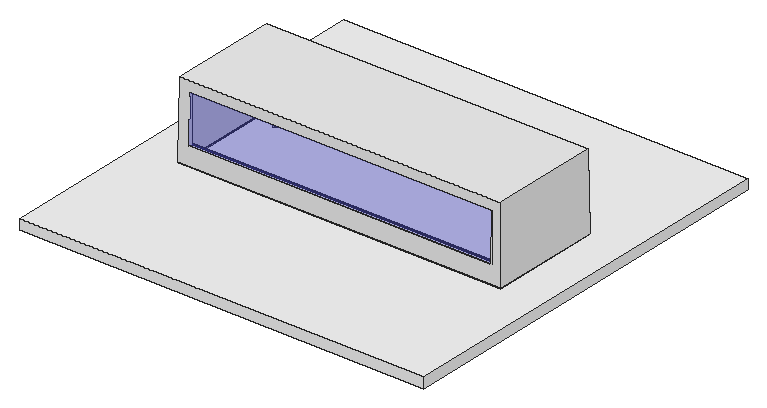
Revit family "BE_50147.1_de_DE", category Leuchten, Revit 2015
Parameters (values of type "BEGA_50147.1_K3")
  built-in parameter 1150104 = 11.669 (stored number, unit not read)
  Wattage = 33.6 W
  Default Elevation = 0 mm
  built-in parameter 1150113 = 1 (stored number, unit not read)
  built-in parameter 1114218 = 1 (stored number, unit not read)
  Umgebungstemperatur = "25 °C"
  URL = "http://www.bega.de/produkt/50147.1"
  Typenkommentare = "© 2017 BEGA. Wir behalten uns das Recht vor, technische Änderungen ohne vorherige Ankündigung vorzunehmen."  # constant formula
  built-in parameter 1150134 = (empty or 0)
  built-in parameter 1150109 = 1 (stored number, unit not read)
  Strom = ""
  built-in parameter 1150110 = 1 (stored number, unit not read)
  Spannung = 239.996 V
  Sonderanfertigung = no
  Seriennummer [instance] = "Hier können Sie die eindeutige Seriennummer für das Facility Management eintragen."
  Schutzklasse = "I"
  Schutzart = ""
  Scheinlast = 0 VA
  Produktdatenblatt = "http://www.bega.de/download/Xrfa/db/50147.1.db.de.pdf"
  Oberflächentemperatur = ""
  Neigungswinkel = 0.00°
  Modell = "50147.1"
  Material_17 = BEGA_Reflektor
  Material_15 = BEGA_Leuchtmedium_matt
  Material_11 = BEGA_Glas_opal
  Material_09 = BEGA_Glas_klar
  Material_08 = BEGA_Oberfläche_Stahl_verzinkt
  Material_06 = BEGA_Oberfläche_Edelstahl_gebürstet
  Material_05 = BEGA_Oberfläche_Aluminium Guss
  Material_03 = BEGA_Oberfläche_Weiss_matt
  Material_02 = BEGA_Oberfläche_Silber_matt
  Material_01 [instance] = BEGA_Oberfläche_Grafit_matt
  M_W = no
  M_G = no
  M_A = no
  Logo = 0
  built-in parameter 1114217 = 1 (stored number, unit not read)
  built-in parameter 1150139 = (empty or 0)
  built-in parameter 1150105 = 335.83 (stored number, unit not read)
  built-in parameter 1150114 = 1 (stored number, unit not read)
  Lumens = 4220.16 lm
  built-in parameter 1150115 = 1 (stored number, unit not read)
  Leuchtenlichtstrom = "3224 lm"
  Leuchtenanzahl = ""
  Lebensdauerkriterien = "L70B50 @ 25 °C = 391000 h"
  Lastklassifizierung = Beleuchtung
  built-in parameter 1150112 = 1 (stored number, unit not read)
  Lampenlichtstrom = "4220 lm"
  Lampe = "LED 33.6 W"
  LED_Modulbezeichnung = "2x LED-0695/930 "
  Hersteller = "BEGA"  # constant formula
  Halbstreuwinkel = ""
  Gewicht = "2.5 kg"
  Gebrauchslageneinschränkung [instance] = ""
  Frequenz = "0/50-60 Hz"
  Farbwiedergabeindex = "Ra > 90"
  Farbtemperaturverschiebung bei Dämpfen der Lampe = <Keine Auswahl>
  Farbtemperatur = "3000 K"
  Color Filter = 16777215
  built-in parameter 1150133 = 10 (stored number, unit not read)
  Energieeffizienzklasse = "LED A++ - A"
  built-in parameter 1150137 = (empty or 0)
  built-in parameter 1150132 = (empty or 0)
  ENEC = ""
  Dimmbar [instance] = "DALI"
  Datei für fotometrisches Netz = "BE_50147.IES"
  CE_Konformität = "ja"
  Bestellnummer = "50147.1"
  Beschreibung_Sonderanfertigung = "Hier können Sie Informationen zur Sonderanfertigung eintragen."
  Beschreibung = "Wandfluter"
  built-in parameter 1150106 = 3.3583 (stored number, unit not read)
  Befestigungsbohrung = "Ø 4,8 mm"
  Befestigungsabstand = "265 x 65 mm"
  Ballwurfsicher = ""
  BEGA_Intern_aus = yes
  BEGA_Intern_an = yes
  BEGA_Intern_Konstruktion = yes
  BEGA_Intern = yes
  BEGA_IES = yes
  BEGA_Dummy = no
  Anschlussleitung = ""
  Anschlussleistung [instance] = "39 W"
  Anschlusskasten = ""
  built-in parameter 1150107 = 3000 (stored number, unit not read)
  built-in parameter 1150102 = (empty or 0)
  built-in parameter 1150138 = (empty or 0)
  Aktualisierung = "2017-07-11T04:09:12"
  Abstand_zur_angestrahlten_Fläche [instance] = ""
  AC/DC = "AC/DC"
Types (2, lengths in mm): name | built-in parameter 1150104 | built-in parameter 1150134 | Modell | built-in parameter 1150105 | Lumens | Leuchtenlichtstrom | Lampenlichtstrom | LED_Modulbezeichnung | Farbtemperatur | Datei für fotometrisches Netz | Bestellnummer | built-in parameter 1150106 | built-in parameter 1150107
  BEGA_50147.1_K4 | 12.087 (stored number, unit not read) | 12 | "50147.1K4" | 347.86 (stored number, unit not read) | 4371.36 lm | "3338 lm" | "4370 lm" | "2x LED-0695/940 " | "4000 K" | "BE_50147K4.IES" | "50147.1K4" | 3.4786 (stored number, unit not read) | 4000 (stored number, unit not read)
  BEGA_50147.1_K3 | 11.669 (stored number, unit not read) | (empty or 0) | "50147.1" | 335.83 (stored number, unit not read) | 4220.16 lm | "3224 lm" | "4220 lm" | "2x LED-0695/930 " | "3000 K" | "BE_50147.IES" | "50147.1" | 3.3583 (stored number, unit not read) | 3000 (stored number, unit not read)
Reference planes
  plane 1 "Mitte (Vorne/Hinten)": y = 0
  plane 2: z = 0
  plane 3 "Mitte (Links/Rechts)": x = 0
  plane 4 "Links": x = -160
  plane 5 "Rechts": x = 160
  plane 6 "Unten": y = -55
  plane 7 "Oben": y = 55
  plane 8 "Vorne": z = 76
  plane 9 "Hinten": z = 0
Forms (mm)
  Extrusion 1, solid, material "BEGA_Platte_Weiss"
    sketch origin (0, -1119.2, 0) x (1, 0, 0) y (0, 1, 0)
      loop
        line (-200, 1319.2) -> (-200, 919.2) -> (200, 919.2) -> (200, 1319.2) -> (-200, 1319.2)
    from 0 to -10
  Extrusion 2, solid, material "BEGA_Dummy_matt", visible <- "BEGA_Dummy"
    sketch origin (80.095, -76.023, 0) x (1, 0, 0) y (0, 1, 0)
      loop
        line (-240.095, 131.023) -> (-240.095, 21.023) -> (79.905, 21.023) -> (79.905, 131.023) -> (-240.095, 131.023)
    from 0 to 76
Dimensions and locks
  plane 1 "Mitte (Vorne/Hinten)" to Extrusion 1 = 200 mm
  aligned and locked: plane 2 to Extrusion 1
  aligned and locked: level to Extrusion 1
Nested families
  nested 1: "BE_50147.1" at (0, 0, 0), type "BE_50147.1"
Connectors
  electrical at (0, 0, 0), driven by "Lastklassifizierung", driven by "Spannung", driven by "Scheinlast"
    settings: index 1, voltage 239.996 V, apparent load 0 VA, apparent load phase1 0 VA, apparent load phase2 0 VA, apparent load phase3 0 VA, power factor 1, load classification "Beleuchtung", number of poles 1, system type 31, power factor state 1, is connector primary yes, connector utility no, sub classification motor no, connector description ""
Definition of nested family "BE_50147.1"
  Parameters (values of type "BE_50147.1")
    Default Elevation = 1 mm
    URL = "http://www.bega.de/de/produkt"
    Type Comments = "© 2015 BEGA. Wir behalten uns das Recht vor, technische Änderungen ohne vorherige Ankündigung vorzunehmen. "  # constant formula
    Type Image = (empty or 0)
    Neigungswinkel_um_Z2 = 0.00°
    Neigungswinkel_um_Z1 = 0.00°
    Neigungswinkel_um_Y2 = 0.00°
    Neigungswinkel_um_Y1 = 0.00°
    Neigungswinkel_um_X2 = 0.00°
    Neigungswinkel_um_X1 = 0.00°
    Material_17 = none
    Material_15 = none
    Material_11 = none
    Material_09 = none
    Material_08 = none
    Material_06 = none
    Material_05 = none
    Material_03 = none
    Material_02 = none
    Material_01 = none
    M_W = yes
    M_G = yes
    M_A = yes
    Länge_Platte = 400 mm  # constant formula
    Höhe_Platte = -10 mm  # constant formula
    Manufacturer = "BEGA"  # constant formula
    Drehwinkel_um_Z2 = 0.00°
    Drehwinkel_um_Z1 = 0.00°
    Breite_Platte = 200 mm  # constant formula
  Reference planes
    plane 1 "Mitte (Oben/Unten)": y = 0
    plane 2: z = 0
    plane 3 "Mitte (Links/Rechts)": x = 0
    plane 4: z = 76
    plane 5: y = 55
    plane 6: y = -55
    plane 7: x = -160
    plane 8: z = 76
    plane 9: x = 160
  Forms (mm)
    Extrusion 1, solid, detail levels medium
      sketch origin (0, 0, 0) x (1, 0, 0) y (0, 1, 0)
        loop
          line (-200, 100) -> (-200, -100) -> (200, -100) -> (200, 100) -> (-200, 100)
      from 0 to -10 <- "Höhe_Platte"
    Extrusion 2, solid, material <- "Material_03", detail levels medium+fine
      sketch origin (0, 0, 0) x (1, 0, 0) y (0, 0, 1)
        loop
          line (-160, 1) -> (-156, 1) -> (-153.661, 68) -> (153.661, 68) -> (156, 1) -> (160, 1) -> (158.691, 76) -> (-158.691, 76) -> (-160, 1)
      from -55 to 55
    Extrusion 3, solid, material <- "Material_03", detail levels medium+fine
      sketch origin (0, 0, 0) x (1, 0, 0) y (0, 0, 1)
        loop
          line (158.691, 76) -> (-158.691, 76) -> (-160, 1) -> (160, 1) -> (158.691, 76)
      from -55 to -50.695
    Extrusion 4, solid, material <- "Material_03", detail levels medium+fine
      sketch origin (0, 0, 0) x (1, 0, 0) y (0, 0, -1)
        loop
          line (158.691, -76) -> (160, -1) -> (-160, -1) -> (-158.691, -76) -> (158.691, -76)
      from -55 to -50.695
    Extrusion 5, void
      sketch origin (0, 0, 0) x (0, 1, 0) y (0, 0, 1)
        loop
          line (55, 1) -> (55.86, 1.015) -> (55.86, 78.41) -> (53.649, 78.41) -> (55, 1)
        loop
          line (-55, 1) -> (-53.649, 78.41) -> (-55.86, 78.41) -> (-55.86, 1.015) -> (-55, 1)
      from -163.845 to 169.172
    Sweep 6, solid, material <- "Material_03", detail levels medium+fine
      path origin (0, 0, 0) x (1, 0, 0) y (0, 1, 0)
        loop
          line (-160, 55) -> (-160, -55) -> (160, -55) -> (160, 55) -> (-160, 55)
      profile origin (-160, 0, 0) x (1, 0, 0) y (0, 0, 1)
        loop
          line (0.5, 1) -> (0.5, 0) -> (2.572, 0)
          arc (2.572, 0) -> (3.337, 0.152) -> (3.986, 0.586) r 2
          line (3.986, 0.586) -> (5.107, 1.707)
          arc (5.107, 1.707) -> (5.432, 1.924) -> (5.814, 2) r 1
          line (5.814, 2) -> (11.938, 2) -> (11.938, 3) -> (5.814, 3)
          arc (5.814, 3) -> (5.049, 2.848) -> (4.4, 2.414) r 2
          line (4.4, 2.414) -> (3.279, 1.293)
          arc (3.279, 1.293) -> (2.954, 1.076) -> (2.572, 1) r 1
          line (2.572, 1) -> (0.5, 1)
    Extrusion 7, solid, material <- "Material_03", detail levels medium+fine
      sketch origin (0, 0, 0) x (1, 0, 0) y (0, 1, 0)
        loop
          line (-149.215, 43.062) -> (-149.215, -43.062) -> (149.632, -43.062) -> (149.632, 43.062) -> (-149.215, 43.062)
      from 2 to 3
    Extrusion 8, void
      sketch origin (0, 0, 0) x (0, 1, 0) y (0, 0, 1)
        loop
          line (47.599, 66.082) -> (47.599, 18) -> (55.612, 18) -> (55.612, 66.082) -> (47.599, 66.082)
        loop
          line (-47.599, 66.082) -> (-55.612, 66.082) -> (-55.612, 18) -> (-47.599, 18) -> (-47.599, 66.082)
      from -149.215 to 149.632
    Extrusion 9, solid, material <- "Material_11", detail levels medium+fine
      sketch origin (0, 0, 0) x (0, -1, 0) y (0, 0, -1)
        loop
          line (54.603, -18.077) -> (50.203, -18) -> (49.366, -65.992) -> (53.765, -66.069) -> (54.603, -18.077)
      from -149.215 to 151.256
    Extrusion 10, solid, material <- "Material_11", detail levels medium+fine
      sketch origin (0, 0, 0) x (0, -1, 0) y (0, 0, -1)
        loop
          line (49.339, -67.492) -> (50.229, -16.5) -> (46.63, -16.437) -> (45.74, -67.429) -> (49.339, -67.492)
      from -153.522 to 153.147
    Extrusion 11, void
      sketch origin (0, 0, 0) x (1, 0, 0) y (0, 1, 0)
        loop
          circle (-132.5, 32.5) r 2.4
        loop
          circle (132.5, -32.5) r 2.4
        loop
          circle (130, -10) r 8.5
        loop
          circle (130, 10) r 8.5
      from 0 to 8
    Revolve 12, solid, material <- "Material_06", detail levels fine
      sketch origin (-145, 0, 0) x (0, 1, 0) y (0, 0, -1)
        loop
          line (56, -9) -> (53.425, -9) -> (53.425, -11) -> (56, -11) -> (56, -9)
        axis (56, -9) -> (53.425, -9)
      angle from 0 to 360
    Extrusion 13, solid, material <- "Material_11", detail levels medium+fine
      sketch origin (0, 0, 0) x (0, 1, 0) y (0, 0, 1)
        loop
          line (54.603, 18.077) -> (53.765, 66.069) -> (49.366, 65.992) -> (50.203, 18) -> (54.603, 18.077)
      from -149.215 to 151.256
    Extrusion 14, solid, material <- "Material_11", detail levels medium+fine
      sketch origin (0, 0, 0) x (0, 1, 0) y (0, 0, 1)
        loop
          line (49.339, 67.492) -> (45.74, 67.429) -> (46.63, 16.437) -> (50.229, 16.5) -> (49.339, 67.492)
      from -153.522 to 153.147
    Revolve 15, solid, material <- "Material_06", detail levels fine
      sketch origin (145, 0, 0) x (0, 1, 0) y (0, 0, 1)
        loop
          line (56, 9) -> (56, 11) -> (53.425, 11) -> (53.425, 9) -> (56, 9)
        axis (56, 9) -> (53.425, 9)
      angle from 0 to 360
  Cuts and joins
    Extrusion 5, Extrusion 8 cuts Extrusion 2
    Extrusion 5, Extrusion 8 cuts Extrusion 3
    Extrusion 5, Extrusion 8 cuts Extrusion 4
    joined: Extrusion 2, Extrusion 3, Extrusion 4
    Extrusion 11 cuts Sweep 6
    Extrusion 11 cuts Extrusion 7
    joined: Sweep 6, Extrusion 7
    joined: Extrusion 9, Extrusion 10
    joined: Extrusion 13, Extrusion 14
  Dimensions and locks
    equal spacing: Extrusion 1 sketch curve, plane 3 "Mitte (Links/Rechts)", Extrusion 1 sketch curve
    equal spacing: Extrusion 1 sketch curve, plane 1 "Mitte (Oben/Unten)", Extrusion 1 sketch curve
    "Länge_Platte": Extrusion 1 sketch curve to Extrusion 1 sketch curve
    "Breite_Platte": Extrusion 1 sketch curve to Extrusion 1 sketch curve
    aligned and locked: plane 2 to Extrusion 1
    aligned and locked: level to Extrusion 1
  Automatic sketch dimensions
    plane 7 to Extrusion 2 sketch curve = 0 mm
    Extrusion 2 sketch curve to plane 4 = 0 mm
    Extrusion 2 sketch curve to plane 7 = 1.309 mm
    level to Extrusion 2 sketch curve = 1 mm  (x2)
    Extrusion 2 sketch curve to plane 7 = 4 mm
    Extrusion 2 sketch curve to plane 7 = 6.339 mm
    Extrusion 2 sketch curve to plane 9 = 6.339 mm
    Extrusion 2 sketch curve to plane 9 = 4 mm
    Extrusion 2 sketch curve to plane 9 = 1.309 mm
    plane 9 to Extrusion 2 sketch curve = 0 mm
    plane 4 to Extrusion 2 sketch curve = 8 mm
    plane 7 to Extrusion 3 sketch curve = 0 mm
    Extrusion 3 sketch curve to plane 4 = 0 mm
    Extrusion 3 sketch curve to plane 7 = 1.309 mm
    Extrusion 3 sketch curve to plane 9 = 1.309 mm
    plane 9 to Extrusion 3 sketch curve = 0 mm
    level to Extrusion 3 sketch curve = 1 mm
    plane 7 to Extrusion 4 sketch curve = 0 mm
    Extrusion 4 sketch curve to plane 4 = 0 mm
    Extrusion 4 sketch curve to plane 7 = 1.309 mm
    Extrusion 4 sketch curve to plane 9 = 1.309 mm
    plane 9 to Extrusion 4 sketch curve = 0 mm
    level to Extrusion 4 sketch curve = 1 mm
    Extrusion 5 sketch curve to plane 6 = 0 mm
    Extrusion 5 sketch curve to plane 5 = 0 mm
    plane 6 to Extrusion 5 sketch curve = 0.86 mm
    Extrusion 5 sketch curve to plane 6 = 1.351 mm
    Extrusion 5 sketch curve to plane 5 = 1.351 mm
    plane 5 to Extrusion 5 sketch curve = 0.86 mm
    level to Extrusion 5 sketch curve = 1 mm  (x2)
    Extrusion 5 sketch curve to Extrusion 5 sketch curve = 0.015 mm  (x2)
    Sweep 6 sketch curve to Sweep 6 sketch curve = 0 mm  (x9)
    Sweep 6 sketch curve to level = 0 mm
    Sweep 6 sketch curve to profile plane = 0.5 mm
    Sweep 6 sketch curve to Sweep 6 sketch curve = 2.072 mm
    level to Sweep 6 sketch curve = 1 mm
    Sweep 6 sketch curve to Sweep 6 sketch curve = 3.243 mm
    level to Sweep 6 sketch curve = 2 mm
    Sweep 6 sketch curve to Sweep 6 sketch curve = 6.124 mm
    Sweep 6 sketch curve to Sweep 6 sketch curve = 1 mm  (x3)
    level to Sweep 6 sketch curve = 1.293 mm
    Sweep 6 sketch curve to Sweep 6 sketch curve = 0.707 mm  (x3)
    level to Sweep 6 sketch curve = 0.586 mm
    Sweep 6 sketch curve to Sweep 6 sketch curve = 1.414 mm
    level to Sweep 6 sketch curve = 1.707 mm
    Extrusion 7 sketch curve to plane 6 = 11.938 mm
    Extrusion 7 sketch curve to plane 7 = 10.785 mm
    Extrusion 7 sketch curve to plane 9 = 10.368 mm
    Extrusion 7 sketch curve to plane 5 = 11.938 mm
    plane 6 to Extrusion 8 sketch curve = 0.612 mm
    Extrusion 8 sketch curve to plane 6 = 7.401 mm
    Extrusion 8 sketch curve to plane 5 = 7.401 mm
    plane 5 to Extrusion 8 sketch curve = 0.612 mm
    level to Extrusion 8 sketch curve = 18 mm  (x2)
    plane 4 to Extrusion 8 sketch curve = 9.918 mm  (x2)
    plane 6 to Extrusion 9 sketch curve = 5.634 mm
    plane 6 to Extrusion 9 sketch curve = 4.797 mm
    plane 6 to Extrusion 9 sketch curve = 1.235 mm
    plane 6 to Extrusion 9 sketch curve = 0.397 mm
    Extrusion 9 sketch curve to level = 18 mm
    Extrusion 9 sketch curve to Extrusion 9 sketch curve = 0.077 mm  (x2)
    Extrusion 9 sketch curve to plane 4 = 10.008 mm
    plane 6 to Extrusion 10 sketch curve = 9.26 mm
    plane 6 to Extrusion 10 sketch curve = 8.37 mm
    Extrusion 10 sketch curve to Extrusion 10 sketch curve = 3.599 mm  (x2)
    Extrusion 10 sketch curve to level = 16.437 mm
    Extrusion 10 sketch curve to Extrusion 10 sketch curve = 0.063 mm  (x2)
    Extrusion 10 sketch curve to plane 4 = 8.571 mm
    Revolve 12 sketch curve to plane 5 = 1.575 mm
    plane 5 to Revolve 12 sketch curve = 1 mm
    level to Revolve 12 sketch curve = 11 mm
    Revolve 12 sketch curve to Revolve 12 sketch curve = 2 mm  (x2)
    Revolve 12 sketch curve to Revolve 12 sketch curve = 0.595 mm
    Revolve 12 sketch curve to Revolve 12 sketch curve = 0 mm
    Extrusion 13 sketch curve to plane 5 = 5.634 mm
    Extrusion 13 sketch curve to plane 5 = 4.797 mm
    Extrusion 13 sketch curve to plane 5 = 1.235 mm
    Extrusion 13 sketch curve to plane 5 = 0.397 mm
    level to Extrusion 13 sketch curve = 18 mm
    Extrusion 13 sketch curve to Extrusion 13 sketch curve = 0.077 mm  (x2)
    plane 4 to Extrusion 13 sketch curve = 10.008 mm
    Extrusion 14 sketch curve to plane 5 = 9.26 mm
    Extrusion 14 sketch curve to plane 5 = 8.37 mm
    Extrusion 14 sketch curve to Extrusion 14 sketch curve = 3.599 mm  (x2)
    level to Extrusion 14 sketch curve = 16.437 mm
    Extrusion 14 sketch curve to Extrusion 14 sketch curve = 0.063 mm  (x2)
    plane 4 to Extrusion 14 sketch curve = 8.571 mm
    Revolve 15 sketch curve to plane 5 = 1.575 mm
    plane 5 to Revolve 15 sketch curve = 1 mm
    level to Revolve 15 sketch curve = 9 mm
    Revolve 15 sketch curve to Revolve 15 sketch curve = 2 mm  (x2)
    Revolve 15 sketch curve to Revolve 15 sketch curve = 0.595 mm
    Revolve 15 sketch curve to Revolve 15 sketch curve = 0 mm
    Extrusion 11 sketch curve to plane 7 = 27.5 mm
    plane 1 "Mitte (Oben/Unten)" to Extrusion 11 sketch curve = 10 mm
    Extrusion 11 sketch curve to plane 9 = 30 mm
    Extrusion 11 sketch curve to plane 1 "Mitte (Oben/Unten)" = 10 mm
    Extrusion 11 sketch curve to Extrusion 11 sketch curve = 0 mm
    Extrusion 11 sketch curve to Extrusion 11 sketch curve = 2.5 mm
    Extrusion 11 sketch curve to plane 6 = 22.5 mm
    Extrusion 11 sketch curve to plane 5 = 22.5 mm
    Sweep 6 sketch curve to plane 6 = 0 mm
    Sweep 6 sketch curve to plane 7 = 0 mm
    Sweep 6 sketch curve to plane 9 = 0 mm
    plane 5 to Sweep 6 sketch curve = 0 mm
    radius of Extrusion 11 sketch curve = 2.4 mm  (x2)
    radius of Extrusion 11 sketch curve = 8.5 mm  (x2)
